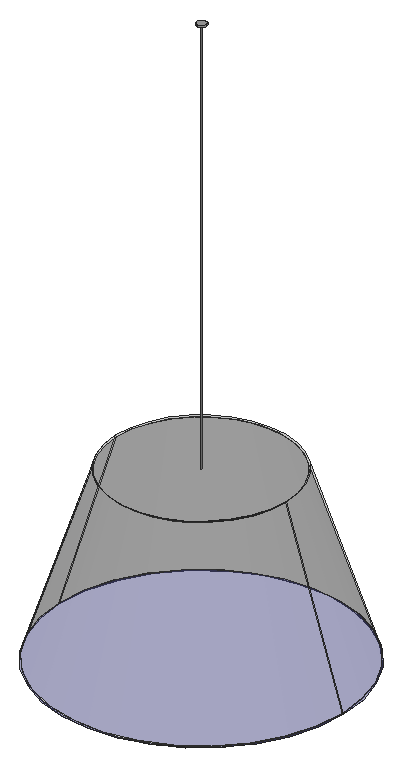
Revit family "Iluminação Pendente-Luminária2", category Luminárias, Revit 2019
Family settings
  Hospedeiro = Forro
  Cota do conector redondo = Utilizar diâmetro
  Tipo de parte = Normal
  Número OmniClass = 23.80.70.11
  Título OmniClass = Luminaries for Internal Lighting
  Sempre na vertical = Sim
  Corte com vazios quando carregada = Não
  Fonte luminosa = Sim
  Compartilhado = Não
  Ponto de cálculo do ambiente = Não
Parameters (values of type "R250 mm")
  Wattage = 200 W
  built-in parameter 1150110 = 1 (stored number, unit not read)
  built-in parameter 1114217 = 1 (stored number, unit not read)
  built-in parameter 1150109 = 1 (stored number, unit not read)
  built-in parameter 1150134 = (empty or 0)
  built-in parameter 1150113 = 1 (stored number, unit not read)
  Material de sombra = Vidro
  R3 = Raio - 2.00 mm  # 248.00 mm
  R2 = R1 - 2.00 mm  # 148.00 mm
  R1 = 150.00 mm
  Raio = 250.00 mm
  Lumens = 3600 lm
  built-in parameter 1150115 = 1 (stored number, unit not read)
  built-in parameter 1150105 = 286.48 (stored number, unit not read)
  Tamanho do símbolo da fonte luminosa = Raio  # 250.00 mm
  built-in parameter 1150137 = (empty or 0)
  built-in parameter 1150139 = (empty or 0)
  Material da luminária = Pano, Sombra da lâmpada
  built-in parameter 1150112 = 1 (stored number, unit not read)
  built-in parameter 1150114 = 1 (stored number, unit not read)
  built-in parameter 1150132 = (empty or 0)
  built-in parameter 1150102 = (empty or 0)
  built-in parameter 1150138 = (empty or 0)
  built-in parameter 1150107 = 3000 (stored number, unit not read)
  built-in parameter 1150106 = 2.8648 (stored number, unit not read)
  Altura = 300.00 mm
  built-in parameter 1150104 = 1.6723 (stored number, unit not read)
  Cair do forro [instance] = 1000.00 mm
  Troca de temperatura da cor de lâmpada com esmaecimento = <Nenhum>
  Filtro de cor = 16777215
  Material montado no forro = Plástico - Branco
  built-in parameter 1114218 = 1 (stored number, unit not read)
  built-in parameter 1150133 = 10 (stored number, unit not read)
Reference planes
  plane 1 "Eixo de origem da luz (F/T)": y = 0
  plane 2 "Forro": z = 2538.4
  plane 3 "Eixo de origem da luz (E/D)": x = 0
  plane 4 "Elevação da origem da luz": z = 1688.4
  plane 5: z = 1838.4
  plane 6: z = 1538.4
  plane 7: z = 1838.4
  plane 8: z = 1540.4
  plane 9: z = 1836.4
  plane 10: z = 2536.4
  plane 11: y = 250
  plane 12: y = 250
  plane 13: y = 150
  plane 14: y = 248
  plane 15: y = 148
Forms (mm)
  Extrusion 1, solid, material "Plástico - Branco" <- "Material montado no forro"
    sketch origin (0, 0, 1688.4) x (0, -1, 0) y (1, 0, 0)
      loop
        circle (0, 0) r 0.995
    from 150 to 848
  Extrusion 2, solid, material "Plástico - Branco" <- "Material montado no forro"
    sketch origin (0, 0, 0) x (1, 0, 0) y (0, 1, 0)
      loop
        circle (0, 0) r 8
    from 2536.4 to 2538.4
  SweptBlend 3, solid, material "Pano, Sombra da lâmpada" <- "Material da luminária"
    path origin (0, 0, 2) x (0, 1, 0) y (0, 0, 1)
      loop
        line (0, 1836.4) -> (0, 1536.4)
    profile origin (0, 0, 1838.4) x (1, 0, 0) y (0, 1, 0)
      loop
        circle (0, 0) r 150
    end profile origin (0, 0, 1538.4) x (1, 0, 0) y (0, 1, 0)
      loop
        circle (0, 0) r 250
  SweptBlend 4, void
    path origin (0, 0, 0) x (0, 1, 0) y (0, 0, 1)
      loop
        line (0, 1836.4) -> (0, 1538.4)
    profile origin (0, 0, 1836.4) x (1, 0, 0) y (0, 1, 0)
      loop
        circle (0, 0) r 148
    end profile origin (0, 0, 1538.4) x (1, 0, 0) y (0, 1, 0)
      loop
        circle (0, 0) r 248
  SweptBlend 5, solid, material "Vidro" <- "Material de sombra"
    path origin (0, 0, 0) x (0, 1, 0) y (0, 0, 1)
      loop
        line (0, 1540.4) -> (0, 1538.4)
    profile origin (0, 0, 1540.4) x (1, 0, 0) y (0, 1, 0)
      loop
        circle (0, 0) r 248
    end profile origin (0, 0, 1538.4) x (1, 0, 0) y (0, 1, 0)
      loop
        circle (0, 0) r 250
Cuts and joins
  SweptBlend 4 cuts SweptBlend 3
  joined: Extrusion 1, Extrusion 2
Dimensions and locks
  equal spacing: host sketch curve, plane 3 "Eixo de origem da luz (E/D)", host sketch curve
  equal spacing: host sketch curve, plane 1 "Eixo de origem da luz (F/T)", host sketch curve
  host sketch curve to host sketch curve = 3048.00 mm  (x2)
  "Cair do forro": plane 2 "Forro" to plane 6
  equal spacing: plane 5, plane 4 "Elevação da origem da luz", plane 6
  "Altura": plane 5 to plane 6
  locked: plane 8 to plane 6 at 2
  locked: plane 2 "Forro" to plane 10 at 2
  locked: plane 7 to plane 9 at 2
  "Raio": radius of SweptBlend 3 sketch curve
  "R1": radius of SweptBlend 3 sketch curve
  "R2": radius of SweptBlend 4 sketch curve
  "R3": radius of SweptBlend 4 sketch curve
  "R3": radius of SweptBlend 5 sketch curve
  "Raio": radius of SweptBlend 5 sketch curve
  aligned and locked: plane 1 "Eixo de origem da luz (F/T)" to imposter light
  aligned and locked: plane 2 "Forro" to host ceiling
  aligned and locked: Extrusion 2 to plane 10
  aligned and locked: plane 10 to Extrusion 2
  aligned and locked: plane 2 "Forro" to Extrusion 2
  aligned and locked: plane 10 to Extrusion 1
  aligned and locked: Extrusion 1 to plane 5
  aligned and locked: plane 5 to plane 7
  aligned and locked: plane 1 "Eixo de origem da luz (F/T)" to SweptBlend 3 sketch curve  (x3)
  aligned and locked: plane 3 "Eixo de origem da luz (E/D)" to SweptBlend 3 sketch curve  (x2)
  aligned and locked: plane 7 to SweptBlend 3
  aligned and locked: plane 6 to SweptBlend 3 sketch curve
  aligned and locked: plane 1 "Eixo de origem da luz (F/T)" to SweptBlend 4 sketch curve  (x3)
  aligned and locked: plane 9 to SweptBlend 4 sketch curve
  aligned and locked: plane 6 to SweptBlend 4 sketch curve
  aligned and locked: plane 3 "Eixo de origem da luz (E/D)" to SweptBlend 4 sketch curve  (x2)
  aligned and locked: profile plane to plane 3 "Eixo de origem da luz (E/D)"
  aligned and locked: plane 1 "Eixo de origem da luz (F/T)" to SweptBlend 5 sketch curve  (x3)
  aligned and locked: plane 8 to SweptBlend 5 sketch curve
  aligned and locked: cut or joined group of SweptBlend 3, SweptBlend 4 to SweptBlend 5 sketch curve
  aligned and locked: plane 3 "Eixo de origem da luz (E/D)" to SweptBlend 5 sketch curve  (x2)
  aligned and locked: plane 6 to imposter light
  aligned and locked: plane 3 "Eixo de origem da luz (E/D)" to imposter light
Automatic sketch dimensions
  plane 1 "Eixo de origem da luz (F/T)" to Extrusion 1 sketch curve = 0.00 mm
  Extrusion 1 sketch curve to plane 3 "Eixo de origem da luz (E/D)" = 0.00 mm
  plane 1 "Eixo de origem da luz (F/T)" to Extrusion 2 sketch curve = 0.00 mm
  Extrusion 2 sketch curve to plane 3 "Eixo de origem da luz (E/D)" = 0.00 mm
  SweptBlend 3 sketch curve to plane 5 = 0.00 mm
  radius of Extrusion 1 sketch curve = 0.995 mm
  radius of Extrusion 2 sketch curve = 8.00 mm
